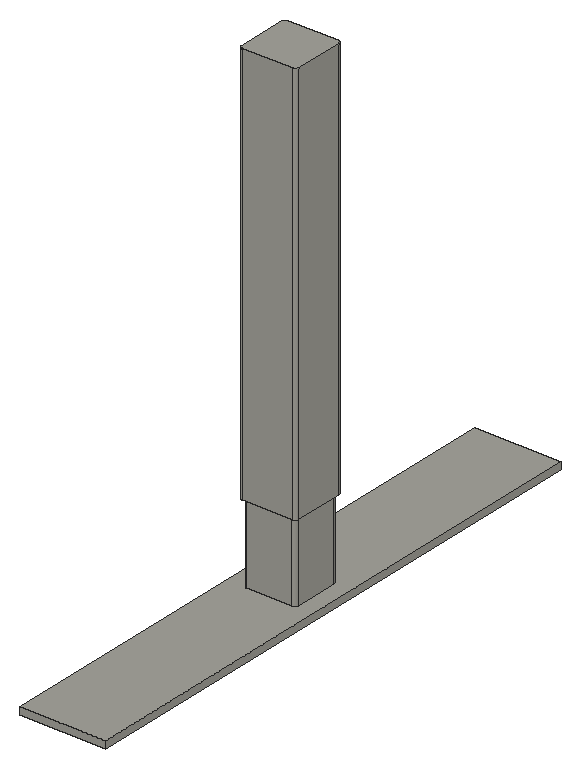
Revit family "Haworth_ComposeBeam_Leg", category Furniture Systems, Revit 2018
Family settings
  Round Connector Dimension = Use Diameter
  Part Type = Normal
  OmniClass Number = 23.40.70.14.64.21
  OmniClass Title = Systems Furniture
  Work Plane-Based = No
  Always vertical = Yes
  Cut with Voids When Loaded = No
  Shared = No
  Room Calculation Point = No
Parameters (values of type "Leg")
  With Foot [instance] = yes
  Warranty = "https://www.haworth.com/resources/product-info/warranties"
  URL - Product = "https://www.haworth.com/products/workspaces/spine-based/compose-beam"
  URL = "http://www.haworth.com/"
  Support Finish = Haworth _ Paint _ Gray Tone
  Size = "Verify Final Dim. w/ Haworth"  # constant formula
  Revision Number = "1"  # constant formula
  Model = "VZLL-1600"  # constant formula
  Min/Max Height = "16 in."  # constant formula
  Manufacturer = "Haworth"  # constant formula
  Description = "Haworth - Compose Beam - Leg"  # constant formula
  Author = "Haworth (Hampton)"  # constant formula
  Assembly Code = "E2020200"
  Actual Width = 3"  # constant formula
  Actual Height = 1/4"  # constant formula
  Actual Depth = 20"  # constant formula
Reference planes (in)
  plane 1: z = 0
  plane 2 "Center L/R": x = 7.25
  plane 3 "Support Left Edge": x = 5.75
  plane 4 "Support Right Edge": x = 8.75
  plane 5 "Back": y = 7.13569
  plane 6 "Front": y = -12.86431
  plane 7 "Support Top": z = 0.25
  plane 8 "Center F/B": y = -2.86431
  plane 9: z = 17.25
  plane 10: z = 3.04
  plane 11: z = 6.29
Forms (in)
  Extrusion 1, solid, material "Haworth _ Paint _ Gray Tone" <- "Support Finish", visible <- "With Foot"
    sketch origin (0, 0, 0) x (1, 0, 0) y (0, 1, 0)
      loop
        line (5.75, 7.13569) -> (5.75, -12.86431) -> (8.75, -12.86431) -> (8.75, 7.13569) -> (5.75, 7.13569)
    from 0 to 0.25
  Extrusion 2, solid, material "Haworth _ Paint _ Gray Tone" <- "Support Finish"
    sketch origin (0, 0, 0) x (1, 0, 0) y (0, 1, 0)
      loop
        line (8.035, -1.95431) -> (6.465, -1.95431)
        arc (6.465, -1.95431) -> (6.37661, -1.99092) -> (6.34, -2.07931) r 0.125
        line (6.34, -2.07931) -> (6.34, -3.64931)
        arc (6.34, -3.64931) -> (6.37661, -3.7377) -> (6.465, -3.77431) r 0.125
        line (6.465, -3.77431) -> (8.035, -3.77431)
        arc (8.035, -3.77431) -> (8.12339, -3.7377) -> (8.16, -3.64931) r 0.125
        line (8.16, -3.64931) -> (8.16, -2.07931)
        arc (8.16, -2.07931) -> (8.12339, -1.99092) -> (8.035, -1.95431) r 0.125
    from 0.25 to 6.29
  Extrusion 3, solid, material "Haworth _ Paint _ Gray Tone" <- "Support Finish"
    sketch origin (0, 0, 0) x (1, 0, 0) y (0, 1, 0)
      loop
        line (8.125, -1.86431) -> (6.375, -1.86431)
        arc (6.375, -1.86431) -> (6.28661, -1.90092) -> (6.25, -1.98931) r 0.125
        line (6.25, -1.98931) -> (6.25, -3.73931)
        arc (6.25, -3.73931) -> (6.28661, -3.8277) -> (6.375, -3.86431) r 0.125
        line (6.375, -3.86431) -> (8.125, -3.86431)
        arc (8.125, -3.86431) -> (8.21339, -3.8277) -> (8.25, -3.73931) r 0.125
        line (8.25, -3.73931) -> (8.25, -1.98931)
        arc (8.25, -1.98931) -> (8.21339, -1.90092) -> (8.125, -1.86431) r 0.125
    from 3.04 to 17.25
Lines and regions (in)
  Masking region 1, visible <- "With Foot"
    outline origin (0, 0, 0) x (1, 0, 0) y (0, 1, 0)
      loop
        line (5.75, 7.13569) -> (5.75, -12.86431) -> (8.75, -12.86431) -> (8.75, 7.13569) -> (5.75, 7.13569)
  symbolic lines, style "Haworth Hidden", visible <- "With Foot", detail levels fine
    curve 1: line (5.75, 7.13569, 0) -> (8.75, 7.13569, 0)
    curve 2: line (5.75, -12.86431, 0) -> (5.75, 7.13569, 0)
    curve 3: line (8.75, -12.86431, 0) -> (5.75, -12.86431, 0)
    curve 4: line (8.75, 7.13569, 0) -> (8.75, -12.86431, 0)
  symbolic lines, style "Haworth Hidden"
    curve 5: line (8.125, -1.86431, 0) -> (6.375, -1.86431, 0)
    curve 6: line (6.25, -1.98931, 0) -> (6.25, -3.73931, 0)
    curve 7: line (6.375, -3.86431, 0) -> (8.125, -3.86431, 0)
    curve 8: line (8.25, -3.73931, 0) -> (8.25, -1.98931, 0)
Dimensions and locks (in)
  "Actual Width": plane 3 "Support Left Edge" to plane 4 "Support Right Edge"
  equal spacing: plane 3 "Support Left Edge", plane 2 "Center L/R", plane 4 "Support Right Edge"
  "Actual Depth": plane 5 "Back" to plane 6 "Front"
  equal spacing: plane 5 "Back", plane 8 "Center F/B", plane 6 "Front"
  "Actual Height": plane 7 "Support Top" to level
  plane 9 to level = 17 1/4"
  aligned and locked: plane 3 "Support Left Edge" to Extrusion 1 sketch curve
  aligned and locked: Extrusion 1 sketch curve to plane 5 "Back"
  aligned and locked: plane 6 "Front" to Extrusion 1 sketch curve
  aligned and locked: Extrusion 1 sketch curve to plane 4 "Support Right Edge"
  aligned and locked: plane 7 "Support Top" to Extrusion 1
  aligned: Extrusion 1 to level
  aligned and locked: Extrusion 1 to plane 7 "Support Top"
  aligned and locked: Extrusion 1 to plane 1
  aligned and locked: plane 1 to Extrusion 1
  aligned and locked: Masking region 1 sketch curve to Extrusion 1  (x3)
  aligned and locked: Extrusion 1 to Masking region 1 sketch curve
  aligned and locked: Extrusion 2 to plane 7 "Support Top"
  aligned and locked: plane 11 to Extrusion 2
  aligned and locked: Extrusion 3 to plane 10
  aligned and locked: plane 9 to Extrusion 3
Automatic sketch dimensions
  curve 3 to plane 6 "Front" = 0"
  curve 4 to plane 4 "Support Right Edge" = 0"
  curve 1 to plane 3 "Support Left Edge" = 0"
  curve 1 to plane 5 "Back" = 0"
  Extrusion 2 sketch curve to plane 3 "Support Left Edge" = 0.59"
  Extrusion 2 sketch curve to Extrusion 2 sketch curve = 1/8"  (x3)
  Extrusion 2 sketch curve to plane 4 "Support Right Edge" = 0.715"  (x2)
  Extrusion 2 sketch curve to plane 8 "Center F/B" = 0.91"
  plane 8 "Center F/B" to Extrusion 2 sketch curve = 0.785"
  Extrusion 3 sketch curve to plane 3 "Support Left Edge" = 1/2"
  Extrusion 3 sketch curve to Extrusion 3 sketch curve = 1/8"  (x3)
  Extrusion 3 sketch curve to plane 4 "Support Right Edge" = 5/8"  (x2)
  Extrusion 3 sketch curve to plane 8 "Center F/B" = 1"
  plane 8 "Center F/B" to Extrusion 3 sketch curve = 7/8"
